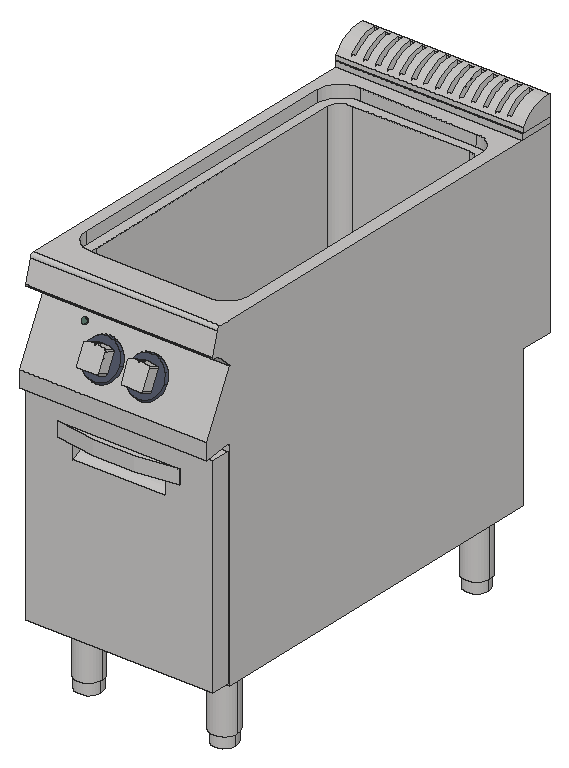
Revit family "QF_ZANUSSI_392126_Z9PCED1MF0", category Specialty Equipment, Revit 2018
Family settings
  Round Connector Dimension = Use Diameter
  Part Type = Normal
  Work Plane-Based = No
  Always vertical = Yes
  Cut with Voids When Loaded = No
  Shared = No
  Room Calculation Point = No
Parameters
  Width = 400 mm  # constant formula
  Weight in Pounds = 62  # constant formula
  Weight = 0.00 kg
  Watts = 10000 W  # constant formula
  Waste Water Discharge Temperature [instance] = -459.67 °F
  Volts = 400 V  # constant formula
  URL Manufacturer = "http://www.zanussiprofessional.com"
  URL Cutsheet = "www.electrolux.com/foodservice"
  URL = "http://www.zanussiprofessional.com"
  Type Mark [instance] = ""
  Steam Supply Size = 0"
  Steam Supply Minimum Pressure = 0.00 psi
  Steam Supply Maximum Pressure = 0.00 psi
  Steam Pounds per Hour = 0
  Status [instance] = ""
  Specification by User [instance] = ""
  Specification by Manufacturer = ""
  Show Logo [instance] = yes
  Show Clearance [instance] = yes
  Serial Number = ""
  Seismic Rating = ""
  SMACNA No = ""
  Revision Code [instance] = ""
  Refrigeration Suction Line Size = 0"
  Refrigeration Liquid Line Size = 0"
  Refrigerant Compressor Remote = yes
  Plumbing Remarks [instance] = ""
  Plumbing Connection Type [instance] = ""
  Phase = 3
  Omniclass Number and Title = ""
  Number of Poles [instance] = 1
  NAFEM Spec ID Number = ""
  Model = "Z9PCED1MF0"
  Min Ckt Ampacity = 0 A
  Max Overcurrent Protection = 0 A
  Masterspec = ""
  Manufacturer = "Zanussi"
  Length Actual = 400 mm  # constant formula
  Item Number [instance] = "392126"
  Installed By [instance] = ""
  Indirect Waste Size = 1"  # constant formula
  Indirect Waste Flow [instance] = 0 GPM
  Indirect Waste Connection Type [instance] = ""
  Indirect Waste Connection Height = 0 mm
  Identify Quantity as Lot [instance] = yes
  Hot Water Size = 0"
  Height Actual = 850 mm  # constant formula
  Height = 850 mm  # constant formula
  HP = "13.4 HP"
  Gas Size = 0"
  Gas KW = 0
  Gas Input Pressure = 0.0 Btu/h
  Furnished By [instance] = ""
  Foodservice Equipment Identifier [instance] = yes
  FL Amps = if(Phase = 3, Watts / (Volts * 1.73), Watts / Volts)  # 14.4509 A
  Electrical Remarks [instance] = "400 V/3N ph/50/60 Hz"  # constant formula
  Electric Connection Type [instance] = ""
  Elec Conn RI Height [instance] = 0 mm
  Elec Conn Connection Height [instance] = 0 mm
  Direct Waste Size = 1"
  Description = "ELECTRIC PASTA COOKER 1X40 LT WELL"
  Depth Actual = 900 mm  # constant formula
  Depth = 915 mm  # constant formula
  Cycle [instance] = if([60 Hertz Option], 60 Hz, 50 Hz)  # 60 Hz
  Conn Plug = ""
  Conn Conduit = yes
  Condensate Return Size = 0"
  Compressed Air Volume = 0 GPM
  Compressed Air Size = 0"
  Compressed Air Pressure = 0.00 psi
  Cold Water Temperature Recommended [instance] = -459.67 °F
  Cold Water Size = 193/256"  # constant formula
  Cold Water RI Height [instance] = 0 mm
  Cold Water Minimum Pressure = 0.00 psi
  Cold Water Maximum Pressure = 0.00 psi
  Cold Water Flow [instance] = 0 GPM
  Cold Water Consumption = ""
  Cold Water Connection Height = 0 mm
  CSI MasterFormat = ""
  CSI Master Format = ""
  Base Height [instance] = 150 mm  # constant formula
  Apparent Power = if(Phase = 3, Volts * FL Amps * 1.73, Volts * FL Amps)  # 10000 VA
  Accessory = yes
  60 Hertz Option [instance] = not([50 Hertz Option])  # yes
  50 Hertz Option [instance] = no
Reference planes
  plane 1 "BACK": y = 0
  plane 2: z = 0
  plane 3 "LEFT": x = 0
  plane 4 "RIGHT": x = 400
  plane 5 "FRONT": y = -915
  plane 6 "TOP": z = 908
  plane 7 "Center Y": x = 200
  plane 8 "Center X": y = -457.5
  plane 9 "BASE": z = 600
  plane 10 "TOP A": z = 850
  plane 11: z = 150
  plane 12: y = -126
  plane 13: y = -800
  plane 14: x = 345
  plane 15: x = 55
  plane 16: y = -1273
  plane 17: x = 232
  plane 18: x = 334.782
  plane 19: x = 240
  plane 20: x = 240
  plane 21: y = -900
Forms (mm)
  Extrusion 1, solid, material "QF_Finishes_Stainless Steel"
    sketch origin (0, 0, 0) x (0, 1, 0) y (0, 0, 1)
      loop
        line (0, 450.038) -> (0, 850) -> (-879.358, 850)
        arc (-879.358, 850) -> (-884.643, 847.811) -> (-886.833, 842.526) r 7.474
        line (-886.833, 842.526) -> (-899.884, 797.011)
        arc (-899.884, 797.011) -> (-899.396, 794.379) -> (-897, 793.184) r 3
        line (-897, 793.184) -> (-886.802, 793.184) -> (-854.982, 761.364) -> (-915, 640.508) -> (-915, 605.508) -> (-858.645, 613.428)
        arc (-858.645, 613.428) -> (-856.101, 612.674) -> (-855, 610.259) r 3.2
        line (-855, 610.259) -> (-855, 150) -> (-71.437, 150) -> (-71.437, 450.038) -> (0, 450.038)
      loop
        line (-900, 600) -> (-900, 155) -> (-860, 155) -> (-860, 600) -> (-900, 600)
    from 0 to 400
  Extrusion 2, void
    sketch origin (0, 0, 850) x (-1, 0, 0) y (0, -1, 0)
      loop
        arc (-75, 101.89) -> (-39.645, 116.535) -> (-25, 151.89) r 50
        line (-25, 151.89) -> (-25, 770)
        arc (-25, 770) -> (-39.645, 805.355) -> (-75, 820) r 50
        line (-75, 820) -> (-325, 820)
        arc (-325, 820) -> (-360.355, 805.355) -> (-375, 770) r 50
        line (-375, 770) -> (-375, 151.89)
        arc (-375, 151.89) -> (-360.355, 116.535) -> (-325, 101.89) r 50
        line (-325, 101.89) -> (-75, 101.89)
    from 0 to -25
  Extrusion 3, solid, material "QF_Clearances", visible <- "Show Clearance", detail levels coarse
    sketch origin (0, 0, 0) x (1, 0, 0) y (0, 1, 0)
      loop
        line (0, -915) -> (0, 0) -> (400, 0) -> (400, -915) -> (550.019, -915) -> (550.019, 150.019) -> (-150.019, 150.019) -> (-150.019, -915) -> (0, -915)
    from 0 to 908
  Revolve 4, solid, material "QF_Finishes_Stainless Steel"
    sketch origin (0, -126, 608.09) x (0, 0, 1) y (-1, 0, 0)
      loop
        line (-608.09, -55) -> (-458.09, -55) -> (-458.09, -26) -> (-583.09, -26) -> (-583.09, -28.75) -> (-608.09, -28.75) -> (-608.09, -55)
      axis (-608.09, -55) -> (-458.09, -55)
    angle from 0 to 360
  Revolve 5, solid, material "QF_Finishes_Stainless Steel"
    sketch origin (400.05, -126, 608.09) x (0, 0, 1) y (-1, 0, 0)
      loop
        line (-608.09, 55.05) -> (-608.09, 29.8) -> (-583.09, 29.8) -> (-583.09, 26.05) -> (-458.09, 26.05) -> (-458.09, 55.05) -> (-608.09, 55.05)
      axis (-608.09, 55.05) -> (-458.09, 55.05)
    angle from 0 to 360
  Revolve 6, solid, material "QF_Finishes_Stainless Steel"
    sketch origin (400.05, -800, 608.09) x (0, 0, 1) y (-1, 0, 0)
      loop
        line (-608.09, 55.05) -> (-608.09, 29.8) -> (-583.09, 29.8) -> (-583.09, 26.05) -> (-458.09, 26.05) -> (-458.09, 55.05) -> (-608.09, 55.05)
      axis (-608.09, 55.05) -> (-458.09, 55.05)
    angle from 0 to 360
  Extrusion 7, solid, material "QF_Finishes_Stainless Steel"
    sketch origin (200, 0, 0) x (0, 1, 0) y (0, 0, 1)
      loop
        line (-71.89, 862.9) -> (-71.89, 850) -> (0, 850) -> (0, 862.9) -> (-71.89, 862.9)
    from -200 to 200
  Revolve 8, solid, material "QF_Finishes_Stainless Steel"
    sketch origin (0, -800, 608.09) x (0, 0, 1) y (1, 0, 0)
      loop
        line (-608.09, 55) -> (-608.09, 28.75) -> (-583.09, 28.75) -> (-583.09, 26) -> (-458.09, 26) -> (-458.09, 55) -> (-608.09, 55)
      axis (-608.09, 55) -> (-458.09, 55)
    angle from 0 to 360
  Extrusion 9, solid, material "QF_Finishes_Stainless Steel"
    sketch origin (0, 0, 574.263) x (0, 1, 0) y (0, 0, 1)
      loop
        line (0, 288.637) -> (0, 333.737)
        arc (0, 333.737) -> (-39.584, 325.765) -> (-69.85, 299.037) r 77.853
        line (-69.85, 299.037) -> (-69.85, 288.637) -> (0, 288.637)
    from 0 to 400
  Extrusion 10, void
    sketch origin (0, 0, 848.9) x (0, -1, 0) y (1, 0, 0)
      loop
        line (6.761, 28.703) -> (63.911, 28.703) -> (63.911, 37.999) -> (6.761, 37.999) -> (6.761, 28.703)
      loop
        line (63.911, 63.487) -> (6.761, 63.487) -> (6.761, 54.191) -> (63.911, 54.191) -> (63.911, 63.487)
      loop
        line (63.911, 89.975) -> (6.761, 89.975) -> (6.761, 80.68) -> (63.911, 80.68) -> (63.911, 89.975)
      loop
        line (63.911, 115.464) -> (6.761, 115.464) -> (6.761, 106.168) -> (63.911, 106.168) -> (63.911, 115.464)
      loop
        line (63.911, 140.952) -> (6.761, 140.952) -> (6.761, 131.656) -> (63.911, 131.656) -> (63.911, 140.952)
      loop
        line (63.911, 166.44) -> (6.761, 166.44) -> (6.761, 157.145) -> (63.911, 157.145) -> (63.911, 166.44)
      loop
        line (63.911, 191.929) -> (6.761, 191.929) -> (6.761, 182.633) -> (63.911, 182.633) -> (63.911, 191.929)
      loop
        line (63.911, 217.417) -> (6.761, 217.417) -> (6.761, 208.121) -> (63.911, 208.121) -> (63.911, 217.417)
      loop
        line (63.911, 242.905) -> (6.761, 242.905) -> (6.761, 233.61) -> (63.911, 233.61) -> (63.911, 242.905)
      loop
        line (63.911, 268.394) -> (6.761, 268.394) -> (6.761, 259.098) -> (63.911, 259.098) -> (63.911, 268.394)
      loop
        line (63.911, 293.882) -> (6.761, 293.882) -> (6.761, 284.586) -> (63.911, 284.586) -> (63.911, 293.882)
      loop
        line (63.911, 319.37) -> (6.761, 319.37) -> (6.761, 310.075) -> (63.911, 310.075) -> (63.911, 319.37)
      loop
        line (63.911, 345.859) -> (6.761, 345.859) -> (6.761, 336.563) -> (63.911, 336.563) -> (63.911, 345.859)
      loop
        line (63.911, 370.347) -> (6.761, 370.347) -> (6.761, 361.051) -> (63.911, 361.051) -> (63.911, 370.347)
    from 25.4 to 63.5
  Extrusion 11, void
    sketch origin (0, 0, 791) x (0, 1, 0) y (-1, 0, 0)
      loop
        arc (-121.89, -75) -> (-130.677, -53.787) -> (-151.89, -45) r 30
        line (-151.89, -45) -> (-606.643, -45)
        arc (-606.643, -45) -> (-627.856, -53.787) -> (-636.643, -75) r 30
        line (-636.643, -75) -> (-636.643, -325)
        arc (-636.643, -325) -> (-627.856, -346.213) -> (-606.643, -355) r 30
        line (-606.643, -355) -> (-151.89, -355)
        arc (-151.89, -355) -> (-130.677, -346.213) -> (-121.89, -325) r 30
        line (-121.89, -325) -> (-121.89, -75)
    from 35 to -339.237
  Extrusion 12, void
    sketch origin (0, -1273.285, 791) x (0, 1, 0) y (-1, 0, 0)
      loop
        line (473.285, -75) -> (473.285, -325)
        arc (473.285, -325) -> (482.072, -346.213) -> (503.285, -355) r 30
        line (503.285, -355) -> (666.643, -355)
        arc (666.643, -355) -> (645.429, -346.213) -> (636.643, -325) r 30
        line (636.643, -325) -> (636.643, -75)
        arc (636.643, -75) -> (645.429, -53.787) -> (666.643, -45) r 30
        line (666.643, -45) -> (503.285, -45)
        arc (503.285, -45) -> (482.072, -53.787) -> (473.285, -75) r 30
    from 35 to -189.237
  Extrusion 13, solid, material "QF_Finishes_Stainless Steel"
    sketch origin (0, 0, 0) x (1, 0, 0) y (0, 1, 0)
      loop
        circle (232, -780) r 12.7
    from 176 to 292.788
  Extrusion 14, solid, material "QF_Finishes_Stainless Steel"
    sketch origin (0, 0, 150) x (-1, 0, 0) y (0, 1, 0)
      loop
        circle (-240, -570) r 6.35
    from 0 to 10
  Extrusion 15, solid, material "QF_Finishes_Stainless Steel"
    sketch origin (152.628, 92.372, 0) x (1, 0, 0) y (0, 1, 0)
      loop
        circle (182.372, -792.372) r 9.525
    from 200 to 331.575
  Extrusion 16, solid, material "QF_Plastic-Black-Matte"
    sketch origin (190, -884.991, 700.936) x (0, 0.444781, 0.895639) y (0, 0.895639, -0.444781)
      loop
        line (26.984, -34) -> (23.984, -34) -> (23.984, -35) -> (26.984, -35)
        arc (26.984, -35) -> (27.691, -34.707) -> (27.984, -34) r 1
        line (27.984, -34) -> (27.984, -19) -> (26.984, -19) -> (26.984, -34)
    from -58.5 to -56.5
  Extrusion 17, solid, material "QF_Finishes_Stainless Steel"
    sketch origin (247.5, -884.991, 700.936) x (-1, 0, 0) y (0, -0.444781, -0.895639)
      loop
        line (17.5, -17.5) -> (17.5, 17.5) -> (-17.5, 17.5) -> (-17.5, -17.5) -> (17.5, -17.5)
    from 5 to 10
  Extrusion 18, solid, material "QF_Finishes_Stainless Steel"
    sketch origin (247.5, -884.991, 700.936) x (-1, 0, 0) y (0, -0.444781, -0.895639)
      loop
        arc (-21.147, -22.789) -> (0, -26.984) -> (21.147, -22.789) r 55.4
        arc (21.147, -22.789) -> (22.494, -21.685) -> (23, -20.019) r 2.997
        line (23, -20.019) -> (23, 20.019)
        arc (23, 20.019) -> (22.122, 22.138) -> (20.003, 23.016) r 2.997
        line (20.003, 23.016) -> (-20.003, 23.016)
        arc (-20.003, 23.016) -> (-22.122, 22.138) -> (-23, 20.019) r 2.997
        line (-23, 20.019) -> (-23, -20.019)
        arc (-23, -20.019) -> (-22.494, -21.685) -> (-21.147, -22.789) r 2.997
    from 10 to 34
  Blend 19, solid, material "QF_Finishes_Navy Blue"
    base sketch origin (247.5, -884.991, 700.936) x (1, 0, 0) y (0, 0.444781, 0.895639)
      loop
        circle (0, 0) r 42.5
    top sketch origin (247.5, -884.991, 700.936) x (1, 0, 0) y (0, 0.444781, 0.895639)
      loop
        circle (0, 0) r 40.5
    from 0 to 5
  Extrusion 20, solid, material "QF_Finishes_Stainless Steel"
    sketch origin (152.5, -884.991, 700.936) x (1, 0, 0) y (0, 0.444781, 0.895639)
      loop
        arc (-21.147, 22.789) -> (-22.494, 21.685) -> (-23, 20.019) r 2.997
        line (-23, 20.019) -> (-23, -20.019)
        arc (-23, -20.019) -> (-22.122, -22.138) -> (-20.003, -23.016) r 2.997
        line (-20.003, -23.016) -> (20.003, -23.016)
        arc (20.003, -23.016) -> (22.122, -22.138) -> (23, -20.019) r 2.997
        line (23, -20.019) -> (23, 20.019)
        arc (23, 20.019) -> (22.494, 21.685) -> (21.147, 22.789) r 2.997
        arc (21.147, 22.789) -> (0, 26.984) -> (-21.147, 22.789) r 55.4
    from 10 to 34
  Extrusion 21, solid, material "QF_Plastic-Black-Matte"
    sketch origin (232.5, -884.991, 700.936) x (0, 0.444781, 0.895639) y (0, -0.895639, 0.444781)
      loop
        line (26.984, 34) -> (26.984, 19) -> (27.984, 19) -> (27.984, 34)
        arc (27.984, 34) -> (27.691, 34.707) -> (26.984, 35) r 1
        line (26.984, 35) -> (23.984, 35) -> (23.984, 34) -> (26.984, 34)
    from -81 to -79
  Extrusion 22, solid, material "QF_Finishes_DarkGreen"
    sketch origin (152.5, -862.752, 745.718) x (1, 0, 0) y (0, 0.444781, 0.895639)
      loop
        circle (-55.001, 0) r 6
    from 0 to 1.6
  Extrusion 23, solid, material "QF_Finishes_Stainless Steel"
    sketch origin (152.5, -884.991, 700.936) x (1, 0, 0) y (0, 0.444781, 0.895639)
      loop
        line (17.5, 17.5) -> (-17.5, 17.5) -> (-17.5, -17.5) -> (17.5, -17.5) -> (17.5, 17.5)
    from 5 to 10
  Blend 24, solid, material "QF_Finishes_Navy Blue"
    base sketch origin (152.5, -884.991, 700.936) x (1, 0, 0) y (0, 0.444781, 0.895639)
      loop
        circle (0, 0) r 42.5
    top sketch origin (152.5, -884.991, 700.936) x (1, 0, 0) y (0, 0.444781, 0.895639)
      loop
        circle (0, 0) r 40.5
    from 0 to 5
  Extrusion 25, solid, material "QF_Finishes_Door Clearance", visible <- "Show Clearance", detail levels coarse
    sketch origin (0, -200, 850) x (-1, 0, 0) y (0, -1, 0)
      loop
        arc (0, 672.137) -> (-117.157, 954.98) -> (-400, 1072.137) r 400
        line (-400, 1072.137) -> (-400, 672.137) -> (0, 672.137)
    from -695 to -250
  Extrusion 26, solid, material "QF_Finishes_Stainless Steel"
    sketch origin (-77.88, -4772, 130) x (-1, 0, 0) y (0, -1, 0)
      loop
        arc (-147.606, -3871.085) -> (-277.88, -3857) -> (-408.153, -3871.085) r 609.497
        line (-408.153, -3871.085) -> (-408.153, -3872) -> (-147.606, -3872) -> (-147.606, -3871.085)
    from 400 to 430
  Extrusion 27, void
    sketch origin (200, -227.862, -20) x (0, 1, 0) y (0, 0, 1)
      loop
        line (-672.137, 567) -> (-672.137, 517)
        arc (-672.137, 517) -> (-656.47, 524.721) -> (-650.137, 541) r 24.091
        line (-650.137, 541) -> (-650.137, 567) -> (-672.137, 567)
    from -100 to 100
Cuts and joins
  Extrusion 2, Extrusion 11, Extrusion 12, Extrusion 27 cuts Extrusion 1
  Extrusion 10 cuts Extrusion 9
Lines and regions (mm)
  Split face 1
    outline origin (247.5, -889.469, 703.16) x (1, 0, 0) y (0, 0.444781, 0.895639)
      loop
        arc (-0.521, 36.501) -> (-26.491, 26.394) -> (-37.708, 0.884) r 36.411
        line (-37.708, 0.884) -> (-31.708, 0.884)
        arc (-31.708, 0.884) -> (-21.998, 23.844) -> (-0.521, 36.501) r 39.733
  Split face 2
    outline origin (152.5, -889.469, 703.16) x (0, -0.444781, -0.895639) y (1, 0, 0)
      loop
        circle (-34, 0) r 1.5
  Split face 3
    outline origin (152.5, -889.469, 703.16) x (1, 0, 0) y (0, 0.444781, 0.895639)
      loop
        circle (-32.336, 10.507) r 1.5
  Split face 4
    outline origin (152.5, -889.469, 703.16) x (1, 0, 0) y (0, 0.444781, 0.895639)
      loop
        circle (-19.985, -27.507) r 1.5
  Split face 5
    outline origin (152.5, -889.469, 703.16) x (1, 0, 0) y (0, 0.444781, 0.895639)
      loop
        circle (19.985, -27.507) r 1.5
  Split face 6
    outline origin (152.5, -889.469, 703.16) x (1, 0, 0) y (0, 0.444781, 0.895639)
      loop
        circle (32.336, 10.507) r 1.5
  symbolic lines, style "QF_Clearances", visible <- "Show Clearance", detail levels coarse
    curve 1: line (-150.019, 150.019, 850) -> (-150.019, -915, 850)
    curve 2: line (550.019, 150.019, 850) -> (-150.019, 150.019, 850)
    curve 3: line (550.019, -915, 850) -> (550.019, 150.019, 850)
  symbolic lines
    curve 4: line (0, -915, 850) -> (0, 0, 850)
    curve 5: line (400, 0, 850) -> (400, -915, 850)
    curve 7: line (0, -71.89, 850) -> (400, -71.89, 850)
    curve 8: line (0, 0, 850) -> (400, 0, 850)
    curve 9: line (28.703, -6.761, 850) -> (37.999, -6.761, 850)
    curve 10: line (28.703, -63.911, 850) -> (28.703, -6.761, 850)
    curve 11: line (37.999, -63.911, 850) -> (28.703, -63.911, 850)
    curve 12: line (37.999, -6.761, 850) -> (37.999, -63.911, 850)
    curve 13: line (54.191, -6.761, 850) -> (63.487, -6.761, 850)
    curve 14: line (54.191, -63.911, 850) -> (54.191, -6.761, 850)
    curve 15: line (63.487, -63.911, 850) -> (54.191, -63.911, 850)
    curve 16: line (63.487, -6.761, 850) -> (63.487, -63.911, 850)
    curve 17: line (80.68, -6.761, 850) -> (89.975, -6.761, 850)
    curve 18: line (80.68, -63.911, 850) -> (80.68, -6.761, 850)
    curve 19: line (89.975, -63.911, 850) -> (80.68, -63.911, 850)
    curve 20: line (89.975, -6.761, 850) -> (89.975, -63.911, 850)
    curve 21: line (106.168, -6.761, 850) -> (115.464, -6.761, 850)
    curve 22: line (106.168, -63.911, 850) -> (106.168, -6.761, 850)
    curve 23: line (115.464, -63.911, 850) -> (106.168, -63.911, 850)
    curve 24: line (115.464, -6.761, 850) -> (115.464, -63.911, 850)
    curve 25: line (131.656, -6.761, 850) -> (140.952, -6.761, 850)
    curve 26: line (131.656, -63.911, 850) -> (131.656, -6.761, 850)
    curve 27: line (140.952, -63.911, 850) -> (131.656, -63.911, 850)
    curve 28: line (140.952, -6.761, 850) -> (140.952, -63.911, 850)
    curve 29: line (157.145, -6.761, 850) -> (166.44, -6.761, 850)
    curve 30: line (157.145, -63.911, 850) -> (157.145, -6.761, 850)
    curve 31: line (166.44, -63.911, 850) -> (157.145, -63.911, 850)
    curve 32: line (166.44, -6.761, 850) -> (166.44, -63.911, 850)
    curve 33: line (182.633, -6.761, 850) -> (191.929, -6.761, 850)
    curve 34: line (182.633, -63.911, 850) -> (182.633, -6.761, 850)
    curve 35: line (191.929, -63.911, 850) -> (182.633, -63.911, 850)
    curve 36: line (191.929, -6.761, 850) -> (191.929, -63.911, 850)
    curve 37: line (208.121, -6.761, 850) -> (218.417, -6.761, 850)
    curve 38: line (208.121, -63.911, 850) -> (208.121, -6.761, 850)
    curve 39: line (218.417, -63.911, 850) -> (208.121, -63.911, 850)
    curve 40: line (218.417, -6.761, 850) -> (218.417, -63.911, 850)
    curve 41: line (234.61, -6.761, 850) -> (243.905, -6.761, 850)
    curve 42: line (234.61, -63.911, 850) -> (234.61, -6.761, 850)
    curve 43: line (243.905, -63.911, 850) -> (234.61, -63.911, 850)
    curve 44: line (243.905, -6.761, 850) -> (243.905, -63.911, 850)
    curve 45: line (260.098, -6.761, 850) -> (269.394, -6.761, 850)
    curve 46: line (260.098, -63.911, 850) -> (260.098, -6.761, 850)
    curve 47: line (269.394, -63.911, 850) -> (260.098, -63.911, 850)
    curve 48: line (269.394, -6.761, 850) -> (269.394, -63.911, 850)
    curve 49: line (285.586, -6.761, 850) -> (294.882, -6.761, 850)
    curve 50: line (285.586, -63.911, 850) -> (285.586, -6.761, 850)
    curve 51: line (294.882, -63.911, 850) -> (285.586, -63.911, 850)
    curve 52: line (294.882, -6.761, 850) -> (294.882, -63.911, 850)
    curve 53: line (311.075, -6.761, 850) -> (320.37, -6.761, 850)
    curve 54: line (311.075, -63.911, 850) -> (311.075, -6.761, 850)
    curve 55: line (320.37, -63.911, 850) -> (311.075, -63.911, 850)
    curve 56: line (320.37, -6.761, 850) -> (320.37, -63.911, 850)
    curve 57: line (336.563, -6.761, 850) -> (345.859, -6.761, 850)
    curve 58: line (336.563, -63.911, 850) -> (336.563, -6.761, 850)
    curve 59: line (345.859, -63.911, 850) -> (336.563, -63.911, 850)
    curve 60: line (345.859, -6.761, 850) -> (345.859, -63.911, 850)
    curve 61: line (361.051, -6.761, 850) -> (370.347, -6.761, 850)
    curve 62: line (361.051, -63.911, 850) -> (361.051, -6.761, 850)
    curve 63: line (370.347, -63.911, 850) -> (361.051, -63.911, 850)
    curve 64: line (370.347, -6.761, 850) -> (370.347, -63.911, 850)
    curve 65: line (25, -770, 850) -> (25, -151.89, 850)
    curve 66: arc (25, -151.89, 850) -> (39.645, -116.535, 850) -> (75, -101.89, 850) r 50
    curve 67: line (75, -101.89, 850) -> (325, -101.89, 850)
    curve 68: arc (325, -101.89, 850) -> (360.355, -116.535, 850) -> (375, -151.89, 850) r 50
    curve 69: line (375, -151.89, 850) -> (375, -770, 850)
    curve 70: arc (375, -770, 850) -> (360.355, -805.355, 850) -> (325, -820, 850) r 50
    curve 71: line (325, -820, 850) -> (75, -820, 850)
    curve 72: arc (75, -820, 850) -> (39.645, -805.355, 850) -> (25, -770, 850) r 50
    curve 73: line (75, -121.89, 850) -> (325, -121.89, 850)
    curve 74: arc (325, -121.89, 850) -> (346.213, -130.677, 850) -> (355, -151.89, 850) r 30
    curve 75: line (355, -151.89, 850) -> (355, -770, 850)
    curve 76: arc (355, -770, 850) -> (346.213, -791.213, 850) -> (325, -800, 850) r 30
    curve 77: line (325, -800, 850) -> (75, -800, 850)
    curve 78: arc (75, -800, 850) -> (53.787, -791.213, 850) -> (45, -770, 850) r 30
    curve 79: line (45, -770, 850) -> (45, -151.89, 850)
    curve 80: arc (45, -151.89, 850) -> (53.787, -130.677, 850) -> (75, -121.89, 850) r 30
    curve 81: line (75, -629.143, 850) -> (325, -629.143, 850)
    curve 82: arc (45, -599.143, 850) -> (53.787, -620.356, 850) -> (75, -629.143, 850) r 30
    curve 83: arc (325, -629.143, 850) -> (346.213, -620.356, 850) -> (355, -599.143, 850) r 30
    curve 84: line (65, -599.143, 850) -> (65, -151.89, 850)
    curve 85: line (75, -609.143, 850) -> (325, -609.143, 850)
    curve 86: arc (65, -599.143, 850) -> (67.929, -606.214, 850) -> (75, -609.143, 850) r 10
    curve 87: arc (325, -609.143, 850) -> (332.071, -606.214, 850) -> (335, -599.143, 850) r 10
    curve 88: line (335, -151.89, 850) -> (335, -599.143, 850)
    curve 89: arc (325, -141.89, 850) -> (332.071, -144.819, 850) -> (335, -151.89, 850) r 10
    curve 90: line (75, -141.89, 850) -> (325, -141.89, 850)
    curve 91: arc (65, -151.89, 850) -> (67.929, -144.819, 850) -> (75, -141.89, 850) r 10
    curve 92: line (0, -900, 0) -> (400.05, -900, 0)
    curve 93: line (129.525, -900, 0) -> (129.525, -924.347, 0)
    curve 94: arc (129.525, -924.347, 0) -> (129.671, -924.811, 0) -> (130.057, -925.107, 0) r 0.809
    curve 95: arc (130.057, -925.107, 0) -> (131.245, -925.587, 0) -> (132.522, -925.68, 0) r 4.127
    curve 96: arc (129.525, -904.292, 0) -> (124.484, -902.458, 0) -> (119.716, -900, 0) r 42.24
    curve 97: arc (129.525, -906.539, 0) -> (130.027, -905.818, 0) -> (130.824, -905.448, 0) r 1.682
    curve 98: arc (130.824, -905.448, 0) -> (141.127, -903.95, 0) -> (151.525, -903.441, 0) r 109.079
    curve 99: line (151.525, -900, 0) -> (151.525, -905.671, 0)
    curve 100: line (151.525, -905.671, 0) -> (153.525, -905.671, 0)
    curve 101: line (153.525, -905.671, 0) -> (153.525, -900, 0)
    curve 102: line (175.525, -900, 0) -> (175.525, -924.347, 0)
    curve 103: arc (175.525, -924.347, 0) -> (175.379, -924.811, 0) -> (174.993, -925.107, 0) r 0.809
    curve 104: arc (174.993, -925.107, 0) -> (173.805, -925.587, 0) -> (172.528, -925.68, 0) r 4.127
    curve 105: arc (175.525, -904.292, 0) -> (180.566, -902.458, 0) -> (185.334, -900, 0) r 42.24
    curve 106: arc (175.525, -906.539, 0) -> (175.023, -905.818, 0) -> (174.226, -905.448, 0) r 1.682
    curve 107: arc (174.226, -905.448, 0) -> (163.923, -903.95, 0) -> (153.525, -903.441, 0) r 109.079
    curve 108: line (132.522, -925.68, 0) -> (172.528, -925.68, 0)
    curve 109: line (270.525, -900, 0) -> (270.525, -924.347, 0)
    curve 110: arc (270.525, -924.347, 0) -> (270.379, -924.811, 0) -> (269.993, -925.107, 0) r 0.809
    curve 111: arc (269.993, -925.107, 0) -> (268.805, -925.587, 0) -> (267.528, -925.68, 0) r 4.127
    curve 112: arc (270.525, -904.292, 0) -> (275.566, -902.458, 0) -> (280.334, -900, 0) r 42.24
    curve 113: arc (270.525, -906.539, 0) -> (270.023, -905.818, 0) -> (269.226, -905.448, 0) r 1.682
    curve 114: arc (269.226, -905.448, 0) -> (258.923, -903.95, 0) -> (248.525, -903.441, 0) r 109.079
    curve 115: line (248.525, -900, 0) -> (248.525, -905.671, 0)
    curve 116: line (248.525, -905.671, 0) -> (246.525, -905.671, 0)
    curve 117: line (246.525, -905.671, 0) -> (246.525, -900, 0)
    curve 118: line (224.525, -900, 0) -> (224.525, -924.347, 0)
    curve 119: arc (224.525, -924.347, 0) -> (224.671, -924.811, 0) -> (225.057, -925.107, 0) r 0.809
    curve 120: arc (225.057, -925.107, 0) -> (226.245, -925.587, 0) -> (227.522, -925.68, 0) r 4.127
    curve 121: arc (224.525, -904.292, 0) -> (219.484, -902.458, 0) -> (214.716, -900, 0) r 42.24
    curve 122: arc (224.525, -906.539, 0) -> (225.027, -905.818, 0) -> (225.824, -905.448, 0) r 1.682
    curve 123: arc (225.824, -905.448, 0) -> (236.127, -903.95, 0) -> (246.525, -903.441, 0) r 109.079
    curve 124: line (267.528, -925.68, 0) -> (227.522, -925.68, 0)
    curve 125: line (175.525, -915, 0) -> (224.525, -915, 0)
    curve 126: line (270.525, -915, 0) -> (400.05, -915, 0)
    curve 127: line (0, -915, 0) -> (129.525, -915, 0)
  symbolic lines, style "QF_Door-Drawer Clearances"
    curve 6: line (52.619, -1070.447, 850) -> (326.76, -915, 850)
    curve 128: arc (2.303, -915, 0) -> (19.44, -995.32, 0) -> (52.619, -1070.447, 0) r 400
Dimensions and locks
  equal spacing: plane 3 "LEFT", plane 7 "Center Y", plane 4 "RIGHT"
  "Width": plane 3 "LEFT" to plane 4 "RIGHT"
  equal spacing: plane 5 "FRONT", plane 8 "Center X", plane 1 "BACK"
  "Depth": plane 5 "FRONT" to plane 1 "BACK"
  plane 1 "BACK" to plane 5 "FRONT" = 915 mm
  "Base Height": plane 11 to level
  plane 1 "BACK" to plane 12 = 126 mm
  plane 12 to plane 13 = 674 mm
  plane 4 "RIGHT" to plane 14 = 55 mm
  plane 15 to plane 3 "LEFT" = 55 mm
  plane 5 "FRONT" to plane 1 "BACK" = 915 mm
  plane 4 "RIGHT" to plane 3 "LEFT" = 400 mm
  plane 5 "FRONT" to plane 16 = 358 mm
  plane 1 "BACK" to curve 2 = 150.019 mm
  plane 4 "RIGHT" to curve 3 = 150.019 mm
  curve 1 to plane 3 "LEFT" = 150.019 mm
  "Height": plane 10 "TOP A" to level
  plane 10 "TOP A" to plane 11 = 700 mm
  plane 10 "TOP A" to plane 11 to level = 700 mm, 150 mm
  plane 6 "TOP" to level = 908 mm
  plane 14 to plane 15 = 290 mm
  plane 3 "LEFT" to Extrusion 13 sketch curve = 232 mm
  Extrusion 13 sketch curve to plane 1 "BACK" = 780 mm
  plane 3 "LEFT" to Extrusion 14 sketch curve = 240 mm
  Extrusion 14 sketch curve to plane 1 "BACK" = 570 mm
  Extrusion 14 to plane 1 "BACK" = 570 mm
  Extrusion 13 to plane 1 "BACK" = 780 mm
  plane 3 "LEFT" to plane 17 = 232 mm
  plane 18 to plane 4 "RIGHT" = 65.218 mm
  Extrusion 15 to plane 1 "BACK" = 700 mm
  plane 1 "BACK" to Extrusion 15 = 700 mm
  plane 1 "BACK" to Extrusion 14 = 570 mm
  plane 1 "BACK" to Extrusion 13 = 780 mm
  Extrusion 15 to plane 11 = 50 mm
  plane 3 "LEFT" to plane 20 = 240 mm
  plane 10 "TOP A" to plane 9 "BASE" to plane 11 = 250 mm, 450 mm
  plane 5 "FRONT" to plane 21 = 15 mm
  aligned and locked: level to plane 2
  aligned and locked: plane 4 "RIGHT" to Extrusion 1
  aligned and locked: plane 6 "TOP" to Extrusion 3
  aligned and locked: plane 13 to Revolve 6
  aligned and locked: plane 12 to Revolve 4
  aligned and locked: plane 12 to Revolve 5
  aligned and locked: plane 4 "RIGHT" to Extrusion 7
  aligned and locked: plane 13 to Revolve 8
Automatic sketch dimensions
  Extrusion 2 sketch curve to plane 4 "RIGHT" = 25 mm
  plane 18 to Extrusion 2 sketch curve = 9.782 mm  (x2)
  plane 3 "LEFT" to Extrusion 2 sketch curve = 25 mm
  Extrusion 2 sketch curve to plane 12 = 24.11 mm
  Extrusion 2 sketch curve to plane 13 = 30 mm
  plane 5 "FRONT" to Extrusion 3 sketch curve = 0 mm  (x2)
  plane 1 "BACK" to Extrusion 3 sketch curve = 0 mm
  Extrusion 3 sketch curve to plane 3 "LEFT" = 0 mm
  Extrusion 3 sketch curve to plane 4 "RIGHT" = 0 mm
  Extrusion 3 sketch curve to plane 3 "LEFT" = 150.019 mm
  plane 4 "RIGHT" to Extrusion 3 sketch curve = 150.019 mm
  Extrusion 3 sketch curve to plane 1 "BACK" = 150.019 mm
  Revolve 4 sketch curve to level = 0 mm
  Revolve 4 sketch curve to plane 11 = 0 mm  (x2)
  Revolve 4 sketch curve to plane 15 = 0 mm  (x2)
  level to Revolve 4 sketch curve = 25 mm
  plane 11 to Revolve 4 sketch curve = 20 mm
  Revolve 4 sketch curve to plane 15 = 26.25 mm
  plane 3 "LEFT" to Revolve 4 sketch curve = 26 mm
  Revolve 5 sketch curve to level = 0 mm
  Revolve 5 sketch curve to plane 11 = 0 mm  (x2)
  Revolve 5 sketch curve to plane 14 = 0 mm  (x2)
  level to Revolve 5 sketch curve = 25 mm
  plane 11 to Revolve 5 sketch curve = 20 mm
  plane 14 to Revolve 5 sketch curve = 25.25 mm
  Revolve 5 sketch curve to plane 4 "RIGHT" = 26 mm
  Revolve 6 sketch curve to level = 0 mm
  Revolve 6 sketch curve to plane 11 = 0 mm  (x2)
  Revolve 6 sketch curve to plane 14 = 0 mm  (x2)
  level to Revolve 6 sketch curve = 25 mm
  plane 11 to Revolve 6 sketch curve = 20 mm
  plane 14 to Revolve 6 sketch curve = 25.25 mm
  Revolve 6 sketch curve to plane 4 "RIGHT" = 26 mm
  Extrusion 7 sketch curve to plane 10 "TOP A" = 0 mm
  Extrusion 7 sketch curve to plane 1 "BACK" = 0 mm
  plane 10 "TOP A" to Extrusion 7 sketch curve = 12.9 mm
  Extrusion 7 sketch curve to plane 12 = 54.11 mm
  Revolve 8 sketch curve to level = 0 mm
  Revolve 8 sketch curve to plane 11 = 0 mm  (x2)
  Revolve 8 sketch curve to plane 15 = 0 mm  (x2)
  level to Revolve 8 sketch curve = 25 mm
  plane 11 to Revolve 8 sketch curve = 20 mm
  Revolve 8 sketch curve to plane 15 = 26.25 mm
  plane 3 "LEFT" to Revolve 8 sketch curve = 26 mm
  Extrusion 9 sketch curve to plane 1 "BACK" = 0 mm
  Extrusion 9 sketch curve to plane 6 "TOP" = 0 mm
  plane 1 "BACK" to Extrusion 9 sketch curve = 4.947 mm
  plane 10 "TOP A" to Extrusion 9 sketch curve = 23.3 mm
  plane 1 "BACK" to Extrusion 9 sketch curve = 69.85 mm
  plane 10 "TOP A" to Extrusion 9 sketch curve = 12.9 mm
  plane 1 "BACK" to Extrusion 10 sketch curve = 6.761 mm  (x14)
  Extrusion 10 sketch curve to plane 18 = 1.781 mm
  Extrusion 10 sketch curve to plane 17 = 1.61 mm
  plane 17 to Extrusion 10 sketch curve = 14.583 mm
  Extrusion 10 sketch curve to Extrusion 10 sketch curve = 57.15 mm
  Extrusion 10 sketch curve to plane 7 "Center Y" = 8.071 mm
  Extrusion 10 sketch curve to Extrusion 10 sketch curve = 0 mm  (x13)
  Extrusion 10 sketch curve to plane 17 = 10.905 mm
  plane 14 to Extrusion 10 sketch curve = 0.859 mm
  Extrusion 10 sketch curve to plane 15 = 0.809 mm
  Extrusion 10 sketch curve to Extrusion 10 sketch curve = 16.193 mm  (x7)
  Extrusion 10 sketch curve to Extrusion 10 sketch curve = 9.296 mm  (x10)
  plane 7 "Center Y" to Extrusion 10 sketch curve = 8.121 mm
  Extrusion 10 sketch curve to Extrusion 10 sketch curve = 15.193 mm
  plane 18 to Extrusion 11 sketch curve = 9.782 mm
  Extrusion 11 sketch curve to plane 13 = 163.357 mm
  Extrusion 11 sketch curve to Extrusion 11 sketch curve = 30 mm
  plane 14 to Extrusion 11 sketch curve = 10 mm
  plane 12 to Extrusion 11 sketch curve = 25.89 mm  (x2)
  Extrusion 11 sketch curve to plane 12 = 4.11 mm
  plane 13 to Extrusion 12 sketch curve = 0 mm
  Extrusion 12 sketch curve to Extrusion 12 sketch curve = 30 mm  (x5)
  plane 18 to Extrusion 12 sketch curve = 9.782 mm
  Extrusion 12 sketch curve to Extrusion 12 sketch curve = 133.357 mm
  plane 14 to Extrusion 12 sketch curve = 10 mm
  Extrusion 12 sketch curve to Extrusion 12 sketch curve = 0 mm
  Extrusion 15 sketch curve to plane 18 = 0.218 mm
  Extrusion 15 sketch curve to plane 13 = 100 mm
  plane 15 to Extrusion 2 sketch curve = 20 mm
  plane 13 to Extrusion 2 sketch curve = 20 mm
  plane 15 to Extrusion 10 sketch curve = 8.487 mm
  Extrusion 10 sketch curve to Extrusion 10 sketch curve = 17.193 mm
  plane 15 to Extrusion 11 sketch curve = 20 mm
  plane 15 to Extrusion 12 sketch curve = 20 mm  (x2)
  Extrusion 1 sketch curve to plane 9 "BASE" = 0 mm
  Extrusion 1 sketch curve to plane 10 "TOP A" = 0 mm
  Extrusion 1 sketch curve to plane 11 = 0 mm
  plane 9 "BASE" to Extrusion 1 sketch curve = 5.508 mm
  plane 16 to Extrusion 1 sketch curve = 358 mm
  Extrusion 1 sketch curve to Extrusion 1 sketch curve = 15 mm
  Extrusion 1 sketch curve to plane 10 "TOP A" = 52.989 mm
  Extrusion 1 sketch curve to Extrusion 1 sketch curve = 15.116 mm
  Extrusion 1 sketch curve to Extrusion 1 sketch curve = 2.884 mm
  Extrusion 1 sketch curve to plane 10 "TOP A" = 7.474 mm
  Extrusion 1 sketch curve to Extrusion 1 sketch curve = 13.051 mm
  Extrusion 1 sketch curve to Extrusion 1 sketch curve = 10.198 mm
  Extrusion 1 sketch curve to Extrusion 1 sketch curve = 40 mm
  plane 9 "BASE" to Extrusion 1 sketch curve = 13.428 mm
  Extrusion 1 sketch curve to Extrusion 1 sketch curve = 1.355 mm
  Extrusion 1 sketch curve to Extrusion 1 sketch curve = 0.445 mm
  Extrusion 1 sketch curve to Extrusion 1 sketch curve = 5 mm
  Extrusion 1 sketch curve to Extrusion 1 sketch curve = 31.82 mm
  Extrusion 1 sketch curve to plane 13 = 728.563 mm
  plane 8 "Center X" to Extrusion 1 sketch curve = 457.5 mm
  plane 11 to Extrusion 1 sketch curve = 5 mm
  Extrusion 1 sketch curve to plane 9 "BASE" = 149.962 mm
  Extrusion 1 sketch curve to Extrusion 1 sketch curve = 35 mm
  Extrusion 1 sketch curve to Extrusion 1 sketch curve = 35.647 mm
  Extrusion 1 sketch curve to Extrusion 1 sketch curve = 3.827 mm
  Extrusion 16 sketch curve to plane 5 "FRONT" = 9.329 mm
  Extrusion 16 sketch curve to plane 10 "TOP A" = 112.016 mm
  Extrusion 16 sketch curve to Extrusion 16 sketch curve = 3 mm
  Extrusion 16 sketch curve to Extrusion 16 sketch curve = 0 mm
  Extrusion 16 sketch curve to Extrusion 16 sketch curve = 1 mm  (x2)
  Extrusion 16 sketch curve to Extrusion 16 sketch curve = 15 mm
  plane 15 to Extrusion 17 sketch curve = 210 mm
  plane 3 "LEFT" to Extrusion 17 sketch curve = 230 mm
  Extrusion 17 sketch curve to Extrusion 17 sketch curve = 35 mm
  plane 15 to Extrusion 18 sketch curve = 215.5 mm
  Extrusion 18 sketch curve to Extrusion 18 sketch curve = 2.997 mm  (x3)
  plane 3 "LEFT" to Extrusion 18 sketch curve = 247.5 mm
  plane 3 "LEFT" to Extrusion 18 sketch curve = 227.497 mm  (x2)
  Extrusion 18 sketch curve to Extrusion 18 sketch curve = 0 mm  (x2)
  Extrusion 18 sketch curve to Extrusion 18 sketch curve = 40.037 mm
  Extrusion 18 sketch curve to Extrusion 18 sketch curve = 5.399 mm
  plane 3 "LEFT" to Blend 19 sketch curve = 247.5 mm  (x2)
  Split face 1 sketch curve to Split face 1 sketch curve = 6 mm
  Split face 1 sketch curve to Split face 1 sketch curve = 30.402 mm
  Split face 1 sketch curve to Split face 1 sketch curve = 9.201 mm
  Split face 1 sketch curve to Split face 1 sketch curve = 2.43 mm
  Split face 1 sketch curve to Split face 1 sketch curve = 0.785 mm
  plane 3 "LEFT" to Extrusion 20 sketch curve = 129.5 mm
  Extrusion 20 sketch curve to Extrusion 20 sketch curve = 2.997 mm  (x3)
  Extrusion 20 sketch curve to Extrusion 20 sketch curve = 20.003 mm  (x2)
  Extrusion 20 sketch curve to Extrusion 20 sketch curve = 40.005 mm
  Extrusion 20 sketch curve to Extrusion 20 sketch curve = 5.399 mm
  Extrusion 20 sketch curve to Extrusion 20 sketch curve = 40.037 mm
  Extrusion 20 sketch curve to Extrusion 20 sketch curve = 0 mm  (x2)
  Extrusion 21 sketch curve to plane 5 "FRONT" = 9.329 mm
  Extrusion 21 sketch curve to plane 10 "TOP A" = 112.016 mm
  Extrusion 21 sketch curve to Extrusion 21 sketch curve = 3 mm
  Extrusion 21 sketch curve to Extrusion 21 sketch curve = 0 mm  (x2)
  Extrusion 21 sketch curve to Extrusion 21 sketch curve = 1 mm
  Extrusion 21 sketch curve to Extrusion 21 sketch curve = 15 mm
  plane 3 "LEFT" to Extrusion 22 sketch curve = 97.499 mm
  plane 3 "LEFT" to Extrusion 23 sketch curve = 135 mm
  Extrusion 23 sketch curve to Extrusion 23 sketch curve = 35 mm  (x2)
  plane 3 "LEFT" to Blend 24 sketch curve = 152.5 mm  (x2)
  Extrusion 25 sketch curve to plane 4 "RIGHT" = 0 mm
  Extrusion 25 sketch curve to plane 3 "LEFT" = 0 mm
  plane 21 to Extrusion 25 sketch curve = 27.863 mm
  Extrusion 26 sketch curve to plane 21 = 0 mm
  Extrusion 26 sketch curve to plane 7 "Center Y" = 0 mm
  plane 18 to Extrusion 26 sketch curve = 4.509 mm
  plane 15 to Extrusion 26 sketch curve = 14.727 mm
  plane 8 "Center X" to Extrusion 26 sketch curve = 151.997 mm
  Extrusion 26 sketch curve to plane 21 = 0.915 mm
  Extrusion 27 sketch curve to plane 21 = 0 mm
  Extrusion 27 sketch curve to plane 21 = 2.091 mm
  Extrusion 27 sketch curve to Extrusion 27 sketch curve = 22 mm
  Extrusion 27 sketch curve to plane 9 "BASE" = 103 mm
  Extrusion 27 sketch curve to Extrusion 27 sketch curve = 26 mm
  curve 66 to curve 80 = 0 mm  (x2)
  curve 66 to curve 91 = 0 mm  (x2)
  curve 68 to curve 74 = 0 mm  (x2)
  curve 68 to curve 89 = 0 mm  (x2)
  curve 70 to curve 76 = 0 mm  (x2)
  curve 72 to curve 78 = 0 mm
  curve 82 to curve 86 = 0 mm  (x2)
  curve 83 to curve 87 = 0 mm
  plane 1 "BACK" to curve 8 = 0 mm
  curve 8 to plane 4 "RIGHT" = 0 mm
  plane 5 "FRONT" to curve 6 = 0 mm
  plane 13 to curve 77 = 0 mm
  curve 4 to plane 3 "LEFT" = 0 mm
  plane 5 "FRONT" to curve 1 = 0 mm
  plane 5 "FRONT" to curve 5 = 0 mm
  plane 5 "FRONT" to curve 4 = 0 mm
  plane 5 "FRONT" to curve 3 = 0 mm
  curve 69 to plane 4 "RIGHT" = 25 mm
  plane 1 "BACK" to curve 61 = 6.761 mm
  plane 14 to curve 61 = 25.347 mm
  curve 61 to curve 62 = 9.296 mm
  plane 14 to curve 75 = 10 mm
  plane 14 to curve 60 = 0.859 mm
  curve 59 to plane 18 = 1.781 mm
  curve 88 to plane 18 = 0.218 mm
  plane 18 to curve 68 = 9.782 mm
  plane 18 to curve 70 = 9.782 mm
  plane 18 to curve 85 = 9.782 mm
  plane 1 "BACK" to curve 56 = 6.761 mm
  plane 18 to curve 56 = 14.412 mm
  curve 55 to curve 54 = 9.296 mm
  plane 1 "BACK" to curve 52 = 6.761 mm
  curve 53 to curve 52 = 16.193 mm
  curve 51 to curve 50 = 9.296 mm
  plane 1 "BACK" to curve 48 = 6.761 mm
  curve 49 to curve 48 = 16.193 mm
  curve 47 to curve 46 = 9.296 mm
  curve 44 to plane 19 = 3.905 mm
  curve 43 to plane 17 = 2.61 mm
  plane 17 to curve 40 = 13.583 mm
  plane 7 "Center Y" to curve 38 = 8.121 mm
  curve 36 to plane 7 "Center Y" = 8.071 mm
  curve 35 to curve 34 = 9.296 mm
  plane 1 "BACK" to curve 32 = 6.761 mm
  curve 33 to curve 32 = 16.193 mm
  curve 31 to curve 30 = 9.296 mm
  plane 1 "BACK" to curve 28 = 6.761 mm
  curve 29 to curve 28 = 16.193 mm
  curve 27 to curve 26 = 9.296 mm
  curve 26 to curve 24 = 16.193 mm
  curve 23 to curve 22 = 9.296 mm
  curve 22 to curve 19 = 16.193 mm
  curve 17 to curve 17 = 9.296 mm
  plane 15 to curve 67 = 20 mm
  plane 15 to curve 77 = 20 mm
  plane 15 to curve 81 = 20 mm
  plane 15 to curve 84 = 10 mm
  plane 15 to curve 16 = 8.487 mm
  curve 13 to plane 15 = 0.809 mm
  curve 14 to curve 12 = 16.193 mm
  curve 9 to curve 9 = 9.296 mm
  plane 1 "BACK" to curve 60 = 6.761 mm
  plane 1 "BACK" to curve 9 = 6.761 mm
  plane 1 "BACK" to curve 13 = 6.761 mm
  plane 1 "BACK" to curve 17 = 6.761 mm
  plane 1 "BACK" to curve 44 = 6.761 mm
  plane 1 "BACK" to curve 21 = 6.761 mm
  plane 1 "BACK" to curve 40 = 6.761 mm
  plane 1 "BACK" to curve 36 = 6.761 mm
  curve 29 to curve 31 = 57.15 mm
  curve 28 to curve 30 = 0 mm
  curve 31 to curve 34 = 0 mm
  curve 24 to curve 26 = 0 mm
  curve 35 to curve 38 = 0 mm
  curve 20 to curve 22 = 0 mm
  curve 39 to curve 42 = 0 mm
  curve 16 to curve 18 = 0 mm
  curve 43 to curve 46 = 0 mm
  curve 12 to curve 14 = 0 mm
  curve 47 to curve 50 = 0 mm
  curve 61 to curve 64 = 57.15 mm
  curve 51 to curve 54 = 0 mm
  curve 60 to curve 62 = 0 mm
  curve 67 to plane 12 = 24.11 mm
  curve 84 to plane 8 "Center X" = 141.643 mm
  plane 18 to curve 6 = 8.022 mm
  curve 6 to plane 15 = 2.381 mm
  curve 10 to curve 7 = 7.979 mm
  plane 5 "FRONT" to curve 6 = 155.447 mm
  curve 127 to plane 3 "LEFT" = 0 mm
  curve 92 to plane 3 "LEFT" = 0 mm
  curve 96 to plane 21 = 0 mm
  plane 5 "FRONT" to curve 127 = 0 mm
  plane 5 "FRONT" to curve 125 = 0 mm
  plane 5 "FRONT" to curve 126 = 0 mm
  curve 128 to plane 4 "RIGHT" = 0 mm
  plane 5 "FRONT" to curve 93 = 9.347 mm
  curve 93 to plane 7 "Center Y" = 70.475 mm
  curve 93 to curve 94 = 0.809 mm
  curve 97 to curve 97 = 1.583 mm
  curve 94 to curve 95 = 1.846 mm
  curve 94 to curve 108 = 2.189 mm
  curve 93 to curve 96 = 11.892 mm
  curve 100 to plane 21 = 5.671 mm
  curve 97 to curve 100 = 20.417 mm
  curve 98 to plane 7 "Center Y" = 48.344 mm
  curve 98 to curve 107 = 1.738 mm
  curve 99 to curve 100 = 2 mm
  curve 96 to curve 105 = 22.215 mm
  curve 108 to plane 7 "Center Y" = 27.472 mm
  curve 104 to curve 104 = 0.343 mm
  curve 104 to curve 106 = 1.071 mm
  curve 104 to curve 103 = 2.189 mm
  curve 103 to curve 102 = 0.809 mm
  plane 17 to curve 118 = 7.475 mm
  curve 119 to curve 119 = 0.809 mm
  curve 122 to curve 122 = 1.583 mm
  curve 119 to curve 120 = 1.846 mm
  curve 119 to curve 124 = 2.189 mm
  plane 19 to curve 121 = 3.583 mm
  curve 117 to plane 19 = 6.525 mm
  curve 123 to plane 19 = 6.656 mm
  curve 123 to curve 114 = 1.738 mm
  curve 116 to curve 115 = 2 mm
  curve 112 to plane 19 = 18.633 mm
  curve 124 to plane 19 = 27.528 mm
  curve 111 to curve 111 = 0.343 mm
  curve 111 to curve 113 = 1.071 mm
  curve 111 to curve 110 = 2.189 mm
  curve 110 to curve 109 = 0.809 mm
  plane 5 "FRONT" to curve 109 = 9.347 mm
  plane 5 "FRONT" to curve 124 = 10.68 mm
  curve 108 to curve 94 = 1.333 mm
  curve 123 to curve 124 = 86.839 mm
  curve 98 to curve 108 = 86.839 mm
  curve 123 to curve 114 = 0 mm
  curve 98 to curve 107 = 0 mm
  curve 120 to curve 118 = 1.333 mm
  curve 104 to curve 102 = 1.333 mm
  curve 103 to curve 104 = 2.779 mm
  curve 94 to curve 95 = 2.779 mm
  curve 119 to curve 120 = 2.779 mm
  curve 110 to curve 111 = 2.779 mm
  curve 106 to plane 21 = 7.106 mm
  curve 122 to plane 21 = 7.106 mm
  curve 113 to plane 21 = 7.106 mm
  curve 97 to plane 21 = 7.106 mm
  curve 117 to plane 21 = 5.671 mm
  plane 21 to curve 128 = 27.863 mm
  plane 21 to curve 96 = 36.239 mm
  plane 21 to curve 112 = 36.239 mm
  curve 96 to curve 105 = 0 mm
  curve 121 to curve 112 = 0 mm
  plane 3 "LEFT" to curve 128 = 2.303 mm
  curve 128 to plane 15 = 2.381 mm
  curve 96 to curve 93 = 9.809 mm
  curve 98 to curve 97 = 0.284 mm
  curve 106 to curve 107 = 0.284 mm
  curve 102 to curve 105 = 9.809 mm
  curve 121 to curve 118 = 9.809 mm
  curve 122 to curve 122 = 0.284 mm
  curve 113 to curve 113 = 0.284 mm
  curve 109 to curve 112 = 9.809 mm
  plane 4 "RIGHT" to curve 126 = 0.05 mm
  plane 4 "RIGHT" to curve 92 = 0.05 mm
  curve 122 to curve 122 = 0.567 mm
  curve 106 to curve 106 = 0.567 mm
  curve 113 to curve 113 = 0.567 mm
  curve 97 to curve 97 = 0.567 mm
  radius of Extrusion 13 sketch curve = 12.7 mm
  radius of Extrusion 15 sketch curve = 9.525 mm
  radius of Extrusion 14 sketch curve = 6.35 mm
  radius of Blend 19 sketch curve = 42.5 mm
  radius of Blend 19 sketch curve = 40.5 mm
  radius of Extrusion 22 sketch curve = 6 mm
  radius of Blend 24 sketch curve = 42.5 mm
  radius of Blend 24 sketch curve = 40.5 mm
  radius of Split face 2 sketch curve = 1.5 mm
  radius of Split face 3 sketch curve = 1.5 mm
  radius of Split face 4 sketch curve = 1.5 mm
  radius of Split face 5 sketch curve = 1.5 mm
  radius of Split face 6 sketch curve = 1.5 mm
Connectors
  piping at (232, -780, 176), diameter 25.4
    settings: on Extrusion 13, index 1, connector inside diameter 1", connector length 0 mm, flow factor 0, pipe flow 0 GPM, pressure drop 0.00 psi, fitting loss kfactor 0, connector angle 0.00°, fixture units 0, engagement length 0 mm, angle of deflection 0.00°, flow configuration 1, flow direction 2, fitting loss method 0, system type 16, joint type 0, gender type 0, connector reference index -1, connector utility 0, adjustable connector no, is connector primary yes, connector description "DRAIN"
  piping at (335, -700, 200), diameter 19
    settings: on Extrusion 15, index 3, connector inside diameter 0.74803", connector length 0 mm, flow factor 0, pipe flow 0 GPM, pressure drop 0.00 psi, fitting loss kfactor 0, connector angle 0.00°, fixture units 0, engagement length 0 mm, angle of deflection 0.00°, flow configuration 1, flow direction 1, fitting loss method 0, system type 20, joint type 0, gender type 0, connector reference index -1, connector utility 0, adjustable connector no, is connector primary no, connector description "WATER INLET"
  electrical at (240, -570, 140)
    settings: on Extrusion 14, index 4, voltage 0 V, apparent load 0 VA, apparent load phase1 0 VA, apparent load phase2 0 VA, apparent load phase3 0 VA, power factor 1, load classification "Other", number of poles 1, system type 30, power factor state 1, is connector primary yes, connector utility no, sub classification motor no, connector description ""
